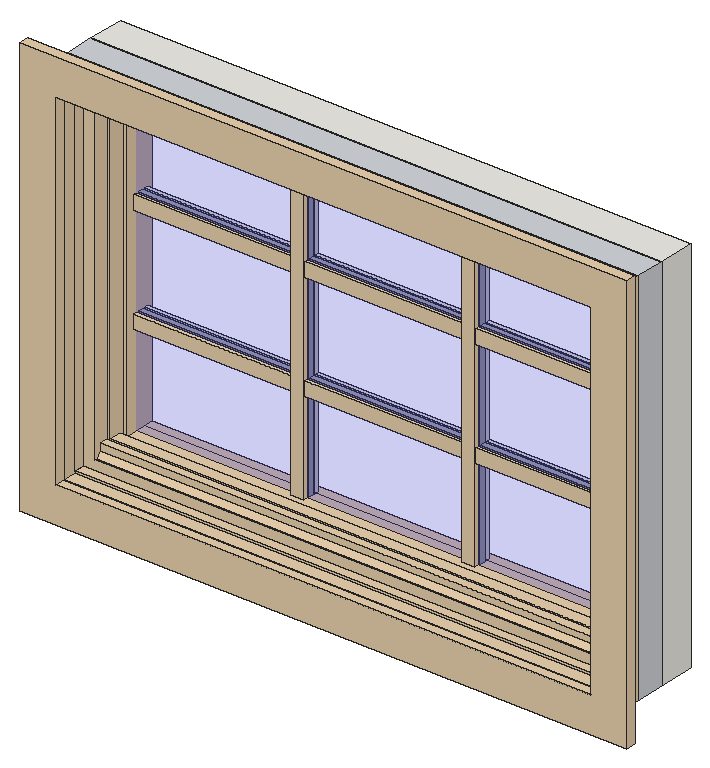
Revit family "1 Window-Awning-Andersen-400_Series_Single", category Windows, host Wall, Revit 2014 (continued)
Dimensions and locks (in)
  aligned and locked: Masking region 4 sketch curve to plane 63 "T Int Frame"
  aligned and locked: Masking region 4 sketch curve to plane 64 "B Int Frame"
  aligned and locked: plane 48 "Sash1 S2" to Extrusion 10 sketch curve
  aligned and locked: plane 64 "B Int Frame" to Extrusion 10 sketch curve
  aligned and locked: plane 4 "R Frame" to curve 96
  aligned and locked: plane 5 "L Frame" to curve 96
  aligned and locked: host wall to curve 96
  aligned and locked: Masking region 8 sketch curve to plane 58 "Xjamb S1"  (x2)
  aligned and locked: Masking region 8 sketch curve to Sweep 12  (x3)
  aligned and locked: Masking region 8 sketch curve to plane 63 "T Int Frame"
  aligned and locked: Masking region 8 sketch curve to plane 61 "Stop S1"
  aligned and locked: plane 64 "B Int Frame" to Masking region 8 sketch curve
  aligned and locked: Masking region 9 sketch curve to plane 32 "T Xjamb 2"
  aligned and locked: plane 58 "Xjamb S1" to Masking region 9 sketch curve  (x2)
  aligned and locked: plane 63 "T Int Frame" to Masking region 9 sketch curve
  aligned and locked: plane 61 "Stop S1" to Masking region 9 sketch curve
  aligned and locked: Masking region 9 sketch curve to plane 64 "B Int Frame"
  aligned and locked: plane 39 "B Xjamb 2" to Masking region 9 sketch curve
  aligned and locked: host wall to Masking region 9 sketch curve
  aligned and locked: host wall to Masking region 10 sketch curve
  aligned and locked: Masking region 10 sketch curve to plane 42 "B Int Casing"
  aligned and locked: plane 52 "Interior Casing" to Masking region 10 sketch curve
  aligned and locked: plane 37 "T Int Casing" to Masking region 10 sketch curve
  aligned and locked: plane 58 "Xjamb S1" to curve 100
  aligned and locked: Sweep 12 to curve 100
  aligned and locked: plane 64 "B Int Frame" to curve 100
  aligned and locked: plane 58 "Xjamb S1" to curve 101
  aligned and locked: host wall to curve 101
  aligned and locked: plane 50 "B Xjamb 1" to curve 101
  aligned and locked: plane 52 "Interior Casing" to curve 102
  aligned and locked: plane 50 "B Xjamb 1" to curve 102
  aligned and locked: plane 58 "Xjamb S1" to curve 97
  aligned and locked: Sweep 12 to curve 97
  aligned and locked: plane 63 "T Int Frame" to curve 97
  aligned and locked: plane 58 "Xjamb S1" to curve 98
  aligned and locked: host wall to curve 98
  aligned and locked: plane 30 "T Xjamb 1" to curve 98
  aligned and locked: plane 52 "Interior Casing" to curve 99
  aligned and locked: plane 30 "T Xjamb 1" to curve 99
  aligned and locked: Masking region 11 sketch curve to plane 58 "Xjamb S1"  (x2)
  aligned and locked: plane 66 "R Int Frame" to Masking region 11 sketch curve
  aligned and locked: Masking region 11 sketch curve to plane 61 "Stop S1"
  aligned and locked: Masking region 11 sketch curve to plane 65 "L Int Frame"
  aligned and locked: Masking region 11 sketch curve to Sweep 12  (x2)
  aligned and locked: Masking region 12 sketch curve to plane 58 "Xjamb S1"  (x2)
  aligned and locked: plane 66 "R Int Frame" to Masking region 12 sketch curve
  aligned and locked: Masking region 12 sketch curve to plane 61 "Stop S1"
  aligned and locked: Masking region 12 sketch curve to plane 65 "L Int Frame"
  aligned and locked: plane 13 "L Xjamb 2" to Masking region 12 sketch curve
  aligned and locked: Masking region 12 sketch curve to host wall
  aligned and locked: Masking region 12 sketch curve to plane 23 "R Xjamb 2"
  aligned and locked: host wall to Masking region 13 sketch curve
  aligned and locked: plane 43 "L Int Casing" to Masking region 13 sketch curve
  aligned and locked: plane 52 "Interior Casing" to Masking region 13 sketch curve
  aligned and locked: Masking region 13 sketch curve to plane 28 "R Int Casing"
  aligned and locked: plane 58 "Xjamb S1" to curve 106
  aligned and locked: Sweep 12 to curve 106
  aligned and locked: plane 65 "L Int Frame" to curve 106
  aligned and locked: plane 58 "Xjamb S1" to curve 107
  aligned and locked: host wall to curve 107
  aligned and locked: plane 11 "L Xjamb 1" to curve 107
  aligned and locked: plane 52 "Interior Casing" to curve 108
  aligned and locked: plane 11 "L Xjamb 1" to curve 108
  aligned and locked: plane 58 "Xjamb S1" to curve 103
  aligned and locked: Sweep 12 to curve 103
  aligned and locked: plane 66 "R Int Frame" to curve 103
  aligned and locked: plane 58 "Xjamb S1" to curve 104
  aligned and locked: host wall to curve 104
  aligned and locked: plane 21 "R Xjamb 1" to curve 104
  aligned and locked: plane 52 "Interior Casing" to curve 105
  aligned and locked: plane 21 "R Xjamb 1" to curve 105
  aligned and locked: plane 61 "Stop S1" to Masking region 1 sketch curve
  aligned and locked: Extrusion 13 sketch curve to plane 63 "T Int Frame"
  aligned and locked: plane 48 "Sash1 S2" to Extrusion 13 sketch curve
  aligned and locked: Extrusion 13 sketch curve to plane 61 "Stop S1"
  aligned and locked: Extrusion 13 to plane 65 "L Int Frame"
  aligned and locked: plane 66 "R Int Frame" to Extrusion 13
  aligned and locked: plane 4 "R Frame" to curve 18
  aligned and locked: plane 47 "Flange" to curve 18
  aligned and locked: plane 5 "L Frame" to curve 50
  aligned and locked: curve 50 to plane 47 "Flange"
  aligned and locked: plane 6 "B Frame" to curve 89
  aligned and locked: plane 47 "Flange" to curve 89
  aligned and locked: plane 7 "T Frame" to curve 88
  aligned and locked: plane 47 "Flange" to curve 88
  aligned and locked: plane 25 "R Casing 2" to curve 5
  aligned and locked: plane 45 "Casing S2" to curve 4
  aligned and locked: plane 26 "R Casing 3" to curve 4
  aligned and locked: plane 44 "Casing S1" to curve 4
  aligned and locked: plane 15 "L Casing 2" to curve 2
  aligned and locked: plane 16 "L Casing 3" to curve 1
  aligned and locked: plane 34 "T Casing 2" to curve 14
  aligned and locked: plane 35 "T Casing 3" to curve 13
  aligned and locked: plane 44 "Casing S1" to curve 13
  aligned and locked: Extrusion 5 sketch curve to plane 6 "B Frame"
  aligned and locked: Masking region 6 sketch curve to cut or joined group of Extrusion 5, Sweep 6
  aligned and locked: Extrusion 7 sketch curve to plane 6 "B Frame"
  aligned and locked: plane 44 "Casing S1" to curve 16
  aligned and locked: plane 44 "Casing S1" to curve 17
  aligned and locked: plane 44 "Casing S1" to curve 186
  aligned and locked: plane 47 "Flange" to curve 186
  aligned and locked: plane 49 "Frame S2" to curve 187
  aligned and locked: plane 44 "Casing S1" to curve 184
  aligned and locked: plane 47 "Flange" to curve 184
  aligned and locked: plane 49 "Frame S2" to curve 185
  aligned and locked: plane 17 "L Casing 4" to curve 186
  aligned and locked: plane 5 "L Frame" to curve 187
  aligned and locked: plane 27 "R Casing 4" to curve 184
  aligned and locked: plane 4 "R Frame" to curve 185
  aligned and locked: plane 47 "Flange" to curve 188
  aligned and locked: plane 36 "T Casing 4" to curve 188
  aligned and locked: plane 46 "Frame S1" to curve 189
  aligned and locked: plane 49 "Frame S2" to curve 189
  aligned and locked: plane 7 "T Frame" to curve 189
  aligned and locked: plane 44 "Casing S1" to curve 190
  aligned and locked: plane 47 "Flange" to curve 190
  aligned and locked: plane 41 "B Casing 2" to curve 190
  aligned and locked: plane 46 "Frame S1" to curve 191
  aligned and locked: plane 49 "Frame S2" to curve 191
  aligned and locked: plane 6 "B Frame" to curve 191
  aligned and locked: plane 47 "Flange" to curve 185
  aligned and locked: plane 47 "Flange" to curve 187
  aligned and locked: plane 19 "R Ext Frame" to curve 7
  aligned and locked: plane 19 "R Ext Frame" to curve 68
  aligned and locked: plane 9 "L Ext Frame" to curve 8
  aligned and locked: plane 9 "L Ext Frame" to curve 66
  aligned and locked: plane 38 "B Ext Frame" to nested 1
  aligned and locked: plane 9 "L Ext Frame" to nested 1
  aligned and locked: nested 1 to plane 48 "Sash1 S2"
  aligned and locked: curve 258 to Extrusion 3
  aligned and locked: plane 38 "B Ext Frame" to curve 257
Automatic sketch dimensions
  curve 16 to curve 16 = 0' - 0 3/16"
  curve 145 to curve 147 = 0' - 0.655"
  curve 147 to curve 70 = 0' - 1.549"
  curve 71 to curve 141 = 0' - 0.107"
  curve 141 to curve 77 = 0' - 0.066"
  curve 77 to curve 86 = 0' - 0.626"
  curve 74 to curve 140 = 0' - 0.844"
  curve 87 to curve 76 = 0' - 0.371"
  curve 80 to curve 79 = 0' - 0.313"
  curve 79 to curve 78 = 0' - 0.187"
  curve 78 to curve 144 = 0' - 0.07303"
  curve 148 to curve 145 = 0' - 0.345"
  curve 72 to curve 72 = 0' - 0.345"
  curve 142 to curve 71 = 0' - 0.549"
  curve 76 to curve 83 = 0' - 0.096"
  curve 70 to curve 88 = 0' - 0.451"
  curve 84 to curve 86 = 0' - 0.096"
  curve 143 to curve 143 = 0' - 0.23897"
  curve 77 to curve 87 = 0' - 0.0062"
  curve 77 to curve 147 = 0' - 0.109"
  curve 86 to curve 85 = 0' - 0.25024"
  curve 73 to curve 147 = 0' - 0.361"
  curve 85 to curve 85 = 0' - 0.23255"
  curve 76 to curve 139 = 0' - 0.053"
  curve 76 to curve 141 = 0' - 0.4378"
  curve 148 to curve 145 = 0' - 0.545"
  curve 71 to curve 74 = 0' - 0.174"
  curve 145 to curve 72 = 0' - 0 1/4"
  curve 74 to curve 80 = 0' - 0.281"
  curve 80 to curve 79 = 0' - 0.156"
  curve 74 to curve 70 = 0' - 0.533"
  curve 70 to curve 144 = 0' - 0.08989"
  curve 82 to curve 86 = 0' - 0.0062"
  curve 77 to curve 83 = 0' - 0"
  curve 82 to curve 84 = 0' - 0.13544"
  curve 73 to curve 81 = 0' - 0.081"
  curve 142 to curve 75 = 0' - 0.217"
  curve 70 to curve 88 = 0' - 0.653"
  curve 88 to curve 88 = 0' - 1 5/8"
  curve 69 to plane 20 "R Stop" = 0' - 0"
  curve 67 to plane 10 "L Stop" = 0' - 0"
  curve 66 to plane 48 "Sash1 S2" = 0' - 0"
  curve 69 to plane 48 "Sash1 S2" = 0' - 0"
  curve 175 to curve 151 = 0' - 0.196"
  curve 175 to curve 177 = 0' - 0.28306"
  curve 152 to curve 183 = 0' - 0.27094"
  curve 152 to curve 178 = 0' - 0.56794"
  curve 178 to curve 179 = 0' - 0.733"
  curve 179 to curve 180 = 0' - 0.267"
  curve 154 to curve 173 = 0' - 0.549"
  curve 150 to curve 169 = 0' - 0.107"
  curve 169 to curve 156 = 0' - 0.066"
  curve 156 to curve 166 = 0' - 0.626"
  curve 153 to curve 159 = 0' - 0.844"
  curve 166 to curve 164 = 0' - 0.371"
  curve 159 to curve 158 = 0' - 0.313"
  curve 158 to curve 158 = 0' - 0.187"
  curve 157 to curve 172 = 0' - 0.07303"
  curve 176 to curve 175 = 0' - 0.149"
  curve 151 to curve 151 = 0' - 0.345"
  curve 183 to curve 177 = 0' - 0.047"
  curve 156 to curve 163 = 0' - 0.096"
  curve 149 to curve 89 = 0' - 0.451"
  curve 161 to curve 166 = 0' - 0.096"
  curve 171 to curve 171 = 0' - 0.23897"
  curve 171 to curve 149 = 0' - 0.08989"
  curve 149 to curve 158 = 0' - 0.096"
  curve 158 to curve 168 = 0' - 0.156"
  curve 149 to curve 151 = 0' - 0.457"
  curve 159 to curve 153 = 0' - 0.281"
  curve 153 to curve 173 = 0' - 0.174"
  curve 150 to curve 170 = 0' - 0.0882"
  curve 150 to curve 154 = 0' - 0.217"
  curve 173 to curve 175 = 0' - 0.437"
  curve 153 to curve 167 = 0' - 0.647"
  curve 169 to curve 155 = 0' - 0.4378"
  curve 175 to curve 183 = 0' - 0.267"
  curve 155 to curve 165 = 0' - 0.23255"
  curve 182 to curve 152 = 0' - 0.07316"
  curve 154 to curve 154 = 0' - 0.768"
  curve 164 to curve 165 = 0' - 0.25024"
  curve 155 to curve 160 = 0' - 0.489"
  curve 182 to curve 178 = 0' - 0.484"
  curve 154 to curve 179 = 0' - 0.28"
  curve 89 to curve 149 = 0' - 2.153"
  curve 89 to curve 149 = 0' - 0.528"
  curve 163 to curve 156 = 0' - 0.13544"
  curve 160 to curve 154 = 0' - 0.095"
  curve 181 to curve 177 = 0' - 0.296"
  curve 165 to curve 161 = 0' - 0.0062"
  curve 156 to curve 162 = 0' - 0"
  Sweep 12 sketch curve to profile plane = 0' - 0"
  curve 109 to curve 109 = 0' - 0.05924"
  curve 109 to curve 24 = 0' - 0.094"
  curve 109 to curve 23 = 0' - 0.1128"
  curve 23 to curve 21 = 0' - 0.02383"
  curve 21 to curve 21 = 0' - 0.12559"
  curve 23 to curve 113 = 0' - 0.30812"
  curve 21 to curve 116 = 0' - 0.30153"
  curve 22 to curve 111 = 0' - 0.25884"
  curve 22 to curve 25 = 0' - 0.6057"
  curve 111 to curve 27 = 0' - 0.4"
  curve 19 to curve 90 = 0' - 0.531"
  curve 90 to curve 90 = 0' - 0.36"
  curve 26 to curve 26 = 0' - 0 5/8"
  curve 27 to curve 27 = 0' - 0 5/8"
  curve 18 to curve 109 = 0' - 2.04524"
  curve 18 to curve 109 = 0' - 0.54524"
  curve 115 to curve 111 = 0' - 0.291"
  curve 40 to curve 41 = 0' - 0.35617"
  curve 46 to curve 26 = 0' - 0.12475"
  curve 45 to curve 27 = 0' - 0"
  curve 44 to curve 26 = 0' - 0"
  curve 20 to curve 115 = 0' - 1.0675"
  curve 115 to curve 116 = 0' - 0.527"
  curve 20 to curve 28 = 0' - 0.722"
  curve 19 to curve 111 = 0' - 0.291"
  curve 27 to curve 26 = 0' - 0.626"
  curve 22 to curve 110 = 0' - 0.557"
  curve 21 to curve 113 = 0' - 0 1/8"
  curve 26 to curve 136 = 0' - 0.402"
  curve 23 to curve 109 = 0' - 0.275"
  curve 109 to curve 23 = 0' - 0.038"
  curve 40 to curve 136 = 0' - 0 1/4"
  curve 91 to curve 90 = 0' - 0.9325"
  curve 19 to curve 91 = 0' - 0"
  curve 27 to curve 45 = 0' - 0.096"
  curve 18 to curve 109 = 0' - 0 3/8"
  curve 44 to curve 26 = 0' - 0.096"
  curve 24 to curve 133 = 0' - 0.312"
  curve 117 to curve 117 = 0' - 0.05924"
  curve 117 to curve 35 = 0' - 0.094"
  curve 117 to curve 34 = 0' - 0.1128"
  curve 34 to curve 32 = 0' - 0.02383"
  curve 32 to curve 32 = 0' - 0.12559"
  curve 34 to curve 121 = 0' - 0.30812"
  curve 32 to curve 124 = 0' - 0.30153"
  curve 33 to curve 119 = 0' - 0.25884"
  curve 33 to curve 36 = 0' - 0.6057"
  curve 119 to curve 38 = 0' - 0.4"
  curve 30 to curve 92 = 0' - 0.531"
  curve 92 to curve 92 = 0' - 0.36"
  curve 37 to curve 37 = 0' - 0 5/8"
  curve 38 to curve 38 = 0' - 0 5/8"
  curve 29 to curve 117 = 0' - 2.04524"
  curve 29 to curve 117 = 0' - 0.54524"
  curve 123 to curve 119 = 0' - 0.291"
  curve 42 to curve 43 = 0' - 0.35617"
  curve 49 to curve 37 = 0' - 0.12475"
  curve 48 to curve 38 = 0' - 0"
  curve 47 to curve 37 = 0' - 0"
  curve 31 to curve 123 = 0' - 1.0675"
  curve 123 to curve 124 = 0' - 0.527"
  curve 31 to curve 39 = 0' - 0.722"
  curve 30 to curve 119 = 0' - 0.291"
  curve 38 to curve 37 = 0' - 0.626"
  curve 33 to curve 118 = 0' - 0.557"
  curve 32 to curve 121 = 0' - 0 1/8"
  curve 37 to curve 137 = 0' - 0.402"
  curve 34 to curve 117 = 0' - 0.275"
  curve 117 to curve 34 = 0' - 0.038"
  curve 42 to curve 137 = 0' - 0 1/4"
  curve 93 to curve 92 = 0' - 0.9325"
  curve 30 to curve 93 = 0' - 0"
  curve 38 to curve 48 = 0' - 0.096"
  curve 29 to curve 117 = 0' - 0 3/8"
  curve 47 to curve 37 = 0' - 0.096"
  curve 35 to curve 134 = 0' - 0.312"
  curve 125 to curve 125 = 0' - 0.05924"
  curve 125 to curve 56 = 0' - 0.094"
  curve 125 to curve 55 = 0' - 0.1128"
  curve 55 to curve 53 = 0' - 0.02383"
  curve 53 to curve 53 = 0' - 0.12559"
  curve 55 to curve 129 = 0' - 0.30812"
  curve 53 to curve 132 = 0' - 0.30153"
  curve 54 to curve 127 = 0' - 0.25884"
  curve 54 to curve 57 = 0' - 0.6057"
  curve 127 to curve 59 = 0' - 0.4"
  curve 51 to curve 94 = 0' - 0.531"
  curve 94 to curve 94 = 0' - 0.36"
  curve 58 to curve 58 = 0' - 0 5/8"
  curve 59 to curve 59 = 0' - 0 5/8"
  curve 50 to curve 125 = 0' - 2.04524"
  curve 50 to curve 125 = 0' - 0.54524"
  curve 131 to curve 127 = 0' - 0.291"
  curve 61 to curve 62 = 0' - 0.35617"
  curve 65 to curve 58 = 0' - 0.12475"
  curve 64 to curve 59 = 0' - 0"
  curve 63 to curve 58 = 0' - 0"
  curve 131 to curve 52 = 0' - 1.0675"
  curve 132 to curve 131 = 0' - 0.527"
  curve 60 to curve 52 = 0' - 0.722"
  curve 127 to curve 51 = 0' - 0.291"
  curve 58 to curve 59 = 0' - 0.626"
  curve 126 to curve 54 = 0' - 0.557"
  curve 129 to curve 53 = 0' - 0 1/8"
  curve 138 to curve 58 = 0' - 0.402"
  curve 125 to curve 55 = 0' - 0.275"
  curve 55 to curve 125 = 0' - 0.038"
  curve 138 to curve 61 = 0' - 0 1/4"
  curve 94 to curve 95 = 0' - 0.9325"
  curve 51 to curve 95 = 0' - 0"
  curve 64 to curve 59 = 0' - 0.096"
  curve 125 to curve 50 = 0' - 0 3/8"
  curve 58 to curve 63 = 0' - 0.096"
  curve 135 to curve 56 = 0' - 0.312"
  curve 219 to curve 195 = 0' - 0.196"
  curve 219 to curve 221 = 0' - 0.28306"
  curve 196 to curve 227 = 0' - 0.27094"
  curve 196 to curve 222 = 0' - 0.56794"
  curve 222 to curve 223 = 0' - 0.733"
  curve 223 to curve 224 = 0' - 0.267"
  curve 198 to curve 217 = 0' - 0.549"
  curve 194 to curve 213 = 0' - 0.107"
  curve 213 to curve 200 = 0' - 0.066"
  curve 200 to curve 210 = 0' - 0.626"
  curve 197 to curve 203 = 0' - 0.844"
  curve 210 to curve 208 = 0' - 0.371"
  curve 203 to curve 202 = 0' - 0.313"
  curve 202 to curve 202 = 0' - 0.187"
  curve 201 to curve 216 = 0' - 0.07303"
  curve 220 to curve 219 = 0' - 0.149"
  curve 195 to curve 195 = 0' - 0.345"
  curve 227 to curve 221 = 0' - 0.047"
  curve 200 to curve 207 = 0' - 0.096"
  curve 193 to curve 192 = 0' - 0.451"
  curve 205 to curve 210 = 0' - 0.096"
  curve 215 to curve 215 = 0' - 0.23897"
  curve 215 to curve 193 = 0' - 0.08989"
  curve 193 to curve 202 = 0' - 0.096"
  curve 202 to curve 212 = 0' - 0.156"
  curve 193 to curve 195 = 0' - 0.457"
  curve 203 to curve 197 = 0' - 0.281"
  curve 197 to curve 217 = 0' - 0.174"
  curve 194 to curve 214 = 0' - 0.0882"
  curve 194 to curve 198 = 0' - 0.217"
  curve 217 to curve 219 = 0' - 0.437"
  curve 197 to curve 211 = 0' - 0.647"
  curve 213 to curve 199 = 0' - 0.4378"
  curve 219 to curve 227 = 0' - 0.267"
  curve 199 to curve 209 = 0' - 0.23255"
  curve 226 to curve 196 = 0' - 0.07316"
  curve 198 to curve 198 = 0' - 0.768"
  curve 208 to curve 209 = 0' - 0.25024"
  curve 199 to curve 204 = 0' - 0.489"
  curve 226 to curve 222 = 0' - 0.484"
  curve 198 to curve 223 = 0' - 0.28"
  curve 192 to curve 193 = 0' - 2.153"
  curve 192 to curve 193 = 0' - 0.528"
  curve 207 to curve 200 = 0' - 0.13544"
  curve 204 to curve 198 = 0' - 0.095"
  curve 225 to curve 221 = 0' - 0.296"
  curve 209 to curve 205 = 0' - 0.0062"
  curve 200 to curve 206 = 0' - 0"
  curve 253 to curve 255 = 0' - 0.655"
  curve 255 to curve 228 = 0' - 1.549"
  curve 229 to curve 249 = 0' - 0.107"
  curve 249 to curve 235 = 0' - 0.066"
  curve 235 to curve 244 = 0' - 0.626"
  curve 232 to curve 248 = 0' - 0.844"
  curve 245 to curve 234 = 0' - 0.371"
  curve 238 to curve 237 = 0' - 0.313"
  curve 237 to curve 236 = 0' - 0.187"
  curve 236 to curve 252 = 0' - 0.07303"
  curve 256 to curve 253 = 0' - 0.345"
  curve 230 to curve 230 = 0' - 0.345"
  curve 250 to curve 229 = 0' - 0.549"
  curve 234 to curve 241 = 0' - 0.096"
  curve 228 to curve 246 = 0' - 0.451"
  curve 242 to curve 244 = 0' - 0.096"
  curve 251 to curve 251 = 0' - 0.23897"
  curve 235 to curve 245 = 0' - 0.0062"
  curve 235 to curve 255 = 0' - 0.109"
  curve 244 to curve 243 = 0' - 0.25024"
  curve 231 to curve 255 = 0' - 0.361"
  curve 243 to curve 243 = 0' - 0.23255"
  curve 234 to curve 247 = 0' - 0.053"
  curve 234 to curve 249 = 0' - 0.4378"
  curve 256 to curve 253 = 0' - 0.545"
  curve 229 to curve 232 = 0' - 0.174"
  curve 253 to curve 230 = 0' - 0 1/4"
  curve 232 to curve 238 = 0' - 0.281"
  curve 238 to curve 237 = 0' - 0.156"
  curve 232 to curve 228 = 0' - 0.533"
  curve 228 to curve 252 = 0' - 0.08989"
  curve 240 to curve 244 = 0' - 0.0062"
  curve 235 to curve 241 = 0' - 0"
  curve 240 to curve 242 = 0' - 0.13544"
  curve 231 to curve 239 = 0' - 0.081"
  curve 250 to curve 233 = 0' - 0.217"
  curve 228 to curve 246 = 0' - 0.653"
  curve 246 to curve 246 = 0' - 1 5/8"
  curve 5 to plane 22 "R Casing 1" = 0' - 0"
  curve 1 to plane 44 "Casing S1" = 0' - 0"
  curve 17 to plane 46 "Frame S1" = 0' - 0"
  curve 6 to plane 46 "Frame S1" = 0' - 0"
  curve 7 to plane 46 "Frame S1" = 0' - 0"
  curve 16 to plane 4 "R Frame" = 0' - 0"
  curve 16 to plane 46 "Frame S1" = 0' - 0"
  host wall to curve 10 = 0' - 0"
  curve 9 to plane 20 "R Stop" = 0' - 0"
  curve 10 to plane 10 "L Stop" = 0' - 0"
  plane 68 "B Stop" to Extrusion 10 sketch curve = 0' - 0.28"
  curve 188 to plane 44 "Casing S1" = 0' - 0"
  curve 258 to plane 3 "Center (Left/Right)" = 0' - 0"
  plane 60 "L Sash" to curve 257 = 0' - 0"
  curve 258 to plane 62 "T Sash" = 0' - 0"
  curve 258 to plane 23 "R Xjamb 2" = 0' - 0.03154"
Nested families (in)
  nested 1: "Andersen_Sash_Panel" at (17.514, 2.5625, 58.81311) x (-1, 0, 0) z (0, 0, 1), type "Andersen_Sash_Panel"
    with Material_Top_Setback 0' - 0 1/32", Material_Right_Setback 0' - 0 1/32", Material_Left_Setback 0' - 0 1/32", Material_Bottom_Setback 0' - 0 1/32", SingleVertLocation 1' - 3 49/64", SingleHorzLocation 0' - 9 11/16", Rail_Top 0' - 1 13/16", Panel_Width 2' - 11 1/32", Panel_Height 1' - 10 7/8", DLOVertical 0' - 5 7/8", DLOHorizontal 0' - 9.92708", BottomBarLocation 0' - 9 1/4", BarLengthVertical 1' - 7 3/8", BarLengthHorizontal 2' - 7 17/32"
Definition of nested family "Andersen_Sash_Panel"
  Parameters (values of type "Andersen_Sash_Panel")
    VertBarQuantity = if(LightsWide < 3, 2, LightsWide - 1)  # 2
    TFL = if(Fractional_Lights_High > 5, 3, if(or(Fractional_Lights_High = 4, Fractional_Lights_High = 5), 2, if(or(Fractional_Lights_High = 2, Fractional_Lights_High = 3), 1, 1)))  # 2
    TFB = TFL - 1  # 1
    Stile_Right = 0' - 1 3/4"
    Stile_Left = 0' - 1 3/4"
    StandardLightsHigh = 3
    SingleVertLocation = (Panel_Width - Stile_Right - Stile_Left) / 2  # 0' - 9 213/256"
    SingleVertBarVisibility = LightsWide = 2  # no
    SingleHorzLocation = (BarLengthVertical) / 2  # 1' - 3 23/32"
    SingleHorBarVisibility = or(or(or(and(LightsHigh = 2, PatternNumber = 1), and(PatternNumber = 4, Fractional_Lights_High > 1)), and(PatternNumber = 5, Fractional_Lights_High > 1)), and(PatternNumber = 2, Fractional_Lights_High > 1))  # no
    S H Fractional = and(PatternNumber = 2, or(Fractional_Lights_High = 4, Fractional_Lights_High = 5))  # no
    Rail_Top = 0' - 1 3/4"
    Rail_Bottom = 0' - 1 11/16"
    PatternNumber = 1
    Panel_Width = 1' - 11 21/128"
    Panel_Thickness = 0' - 2"
    Panel_Height = 2' - 10 7/8"
    MultipleVertBar Visibility = and(not(PatternNumber = 0), LightsWide > 2)  # yes
    MultipleHorBarVisibility = or(or(PatternNumber = 3, and(LightsHigh > 2, PatternNumber = 1)), and(PatternNumber = 2, Fractional_Lights_High > 5))  # yes
    Material_Top_Setback [instance] = 0' - 0 1/32"
    Material_Right_Setback [instance] = 0' - 0 1/32"
    Material_Left_Setback [instance] = 0' - 0 1/32"
    Material_Interior = Wood - Andersen - Pine
    Material_Exterior = Vinyl - Andersen - White
    Material_Bottom_Setback [instance] = 0' - 0 1/32"
    LightsWide = if(PatternNumber = 3, 3, [- Lights Wide])  # 3
    LightsHigh = if(PatternNumber = 2, [- Lights High] - 1, if(PatternNumber = 3, 3, [- Lights High]))  # 3
    Interior Bar Thickness = 0' - 0 23/64"
    HorBarQuantity = if(LightsHigh < 3, 2, LightsHigh - 1)  # 2
    GrilleBarSizeInt = 4
    GrilleBarSize = 0' - 0 7/8"
    Glazing = Glass ‐ Andersen - Low-E4 SmartSun
    Glass SetBack = 0' - 0 167/256"
    Glass Pane Thickness = 0' - 0 3/32"
    Glass OA Thickness = 0' - 0 5/8"
    Fractional_Lights_Wide = 3
    Fractional_Lights_High = 5
    Exterior Bar Thickness = 0' - 0 77/256"
    DLOVertical = if(PatternNumber = 1, if(LightsHigh > 2, ((BarLengthVertical - (GrilleBarSize * (LightsHigh - 1))) / LightsHigh), 0' 4"), if(PatternNumber = 3, 0' 4", if(Fractional_Lights_High > 2, ((BarLengthVertical - (GrilleBarSize * 2)) / 3), 0' 4")))  # 0' - 9.89583"
    DLOHorizontal = if(PatternNumber = 3, 0' 4", ((Panel_Width - Stile_Right - Stile_Left) - (GrilleBarSize * VertBarQuantity)) / if(LightsWide > 2, LightsWide, 3))  # 0' - 5.97135"
    BottomBarVisibility = and(PatternNumber = 2, or(Fractional_Lights_High = 4, Fractional_Lights_High = 5))  # no
    BottomBarLocation = if(PatternNumber = 1, ((Panel_Height - Rail_Top - Rail_Bottom) / 2) - (GrilleBarSize / 2), BarLengthVertical)  # 1' - 3 9/32"
    Between Glass Grille Bar Color = Stainless Steel - Andersen - Standard
    BarLengthVertical = if(or(PatternNumber = 5, PatternNumber = 2), ((((Panel_Height - Rail_Top - Rail_Bottom - (GrilleBarSize * (Fractional_Lights_High - 1))) / Fractional_Lights_High)) * TFL) + (TFB * GrilleBarSize) + Rail_Top, if(PatternNumber = 4, ((Panel_Height - Rail_Top - Rail_Bottom - (GrilleBarSize * (Fractional_Lights_High - 1))) / Fractional_Lights_High), Panel_Height - Rail_Top - Rail_Bottom))  # 2' - 7 7/16"
    BarLengthHorizontal = Panel_Width - Stile_Right - Stile_Left  # 1' - 7 85/128"
    BarIntVisibility = yes
    BarExtVisibility = yes
    BarBetweenGlassVisibility = yes
    Analytic Construction = "<None>"
    - Lights Wide = 3
    - Lights High = 3
  Reference planes (in)
    plane 1 "Front": y = 0
    plane 2 "Bottom": z = 0
    plane 3 "Left": x = 0
    plane 4 "Top": z = 34.875
    plane 5 "Right": x = 23.16406
    plane 6 "Glazing Left": x = 1.75
    plane 7 "Glazing Bottom": z = 1.6875
    plane 8 "Glazing Right": x = 21.41406
    plane 9 "Glazing Top": z = 33.125
    plane 10 "GlazingA": y = 0.65234
    plane 11 "GlazingB": y = 1.27734
    plane 12 "Back": y = 2
    plane 13: z = 1.6875
  Forms (in)
    Extrusion 1, solid, material "Wood - Andersen - Pine" <- "Material_Interior"
      sketch origin (0, 0, 0) x (1, 0, 0) y (0, 0, 1)
        loop
          line (0, 34.875) -> (0, 0) -> (23.16406, 0) -> (23.16406, 34.875) -> (0, 34.875)
        loop
          line (1.75, 33.125) -> (1.75, 1.6875) -> (21.41406, 1.6875) -> (21.41406, 33.125) -> (1.75, 33.125)
      from -2 to 0
    Extrusion 2, solid, material "Glass ‐ Andersen - Low-E4 SmartSun" <- "Glazing"
      sketch origin (0, 0, 0) x (1, 0, 0) y (0, 0, 1)
        loop
          line (1.75, 33.125) -> (1.75, 1.6875) -> (21.41406, 1.6875) -> (21.41406, 33.125) -> (1.75, 33.125)
      from -1.27734 to -0.65234
  Lines and regions (in)
    Split face 1
      outline origin (0, 0, 34.875) x (1, 0, 0) y (0, 1, 0)
        loop
          line (0, 0.03125) -> (23.16406, 0.03125)
    Split face 2
      outline origin (23.16406, 0, 34.875) x (0, 0, -1) y (0, 1, 0)
        loop
          line (0, 0.03125) -> (34.875, 0.03125)
    Split face 3
      outline origin (0, 0, 0) x (0, 0, 1) y (0, 1, 0)
        loop
          line (34.875, 0.03125) -> (0, 0.03125)
    Split face 4
      outline origin (23.16406, 0, 0) x (0, 1, 0) y (-1, 0, 0)
        loop
          line (0.03125, 23.16406) -> (0.03125, 0)
    Split face 5
      outline origin (21.41406, 0.27734, 1.6875) x (-1, 0, 0) y (0, -1, 0)
        loop
          line (19.66406, -0.375) -> (0, -0.375)
        loop
          line (19.66406, -1) -> (0, -1)
    Split face 6
      outline origin (1.75, 0, 1.6875) x (0, 0, 1) y (0, -1, 0)
        loop
          line (0, -0.65234) -> (31.4375, -0.65234)
        loop
          line (31.4375, -1.27734) -> (0, -1.27734)
    Split face 7
      outline origin (21.41406, 0, 33.125) x (0, 0, -1) y (0, -1, 0)
        loop
          line (31.4375, -0.65234) -> (0, -0.65234)
        loop
          line (0, -1.27734) -> (31.4375, -1.27734)
    Split face 8
      outline origin (1.75, 0, 33.125) x (0, -1, 0) y (1, 0, 0)
        loop
          line (-0.65234, 0) -> (-0.65234, 19.66406)
        loop
          line (-1.27734, 0) -> (-1.27734, 19.66406)
    symbolic lines, style "WindowsGlassProjection", detail levels medium+fine
      curve 1: line (1.75, 0.65234, 0) -> (21.41406, 0.65234, 0)
      curve 2: line (1.75, 1.27734, 0) -> (21.41406, 1.27734, 0)
    symbolic lines, style "WindowsGlassProjection"
      curve 3: line (0, 0.65234, 33.125) -> (0, 0.65234, 1.6875)
      curve 4: line (0, 1.27734, 33.125) -> (0, 1.27734, 1.6875)
    symbolic lines, style "WindowsGlassProjection", detail levels fine
      curve 5: line (1.75, 0.74609, 0) -> (21.41406, 0.74609, 0)
      curve 6: line (1.75, 1.18359, 0) -> (21.41406, 1.18359, 0)
      curve 7: line (0, 1.18359, 33.125) -> (0, 1.18359, 1.6875)
      curve 8: line (0, 0.74609, 33.125) -> (0, 0.74609, 1.6875)
    symbolic lines, style "WindowsFrameMullionProjection", detail levels medium
      curve 9: line (0, 2, 0) -> (1.75, 2, 0)
      curve 10: line (0, 0, 0) -> (0, 2, 0)
      curve 11: line (1.75, 0, 0) -> (0, 0, 0)
      curve 12: line (1.75, 2, 0) -> (1.75, 0, 0)
      curve 13: line (21.41406, 2, 0) -> (23.16406, 2, 0)
      curve 14: line (21.41406, 0, 0) -> (21.41406, 2, 0)
      curve 15: line (23.16406, 0, 0) -> (21.41406, 0, 0)
      curve 16: line (23.16406, 2, 0) -> (23.16406, 0, 0)
  Dimensions and locks (in)
    "Panel_Width": plane 5 "Right" to plane 3 "Left"
    "Panel_Height": plane 4 "Top" to plane 2 "Bottom"
    "Stile_Left": plane 6 "Glazing Left" to plane 3 "Left"
    "Stile_Right": plane 5 "Right" to plane 8 "Glazing Right"
    "Rail_Bottom": plane 7 "Glazing Bottom" to plane 2 "Bottom"
    "Rail_Top": plane 4 "Top" to plane 9 "Glazing Top"
    "Panel_Thickness": plane 1 "Front" to plane 12 "Back"
    "Material_Top_Setback": Extrusion 1 to Split face 1 sketch curve
    "Material_Right_Setback": Extrusion 1 to Split face 2 sketch curve
    "Material_Left_Setback": Split face 3 sketch curve to Extrusion 1
    "Material_Bottom_Setback": Extrusion 1 to Split face 4 sketch curve
    "BarLengthVertical": plane 9 "Glazing Top" to plane 13
    plane 8 "Glazing Right" to plane 6 "Glazing Left" = 1' - 7 85/128"
    group 1 to group 2 = 0' - 6.84635"
    group 1 to group 2 = 0' - 0"  (x2)
    "DLOHorizontal": nested 1 to plane 6 "Glazing Left"
    "DLOHorizontal": plane 8 "Glazing Right" to nested 2
    "Glass SetBack": plane 1 "Front" to plane 10 "GlazingA"
    "Glass Pane Thickness": curve 5 to plane 10 "GlazingA"
    "Glass OA Thickness": plane 11 "GlazingB" to plane 10 "GlazingA"
    "Glass Pane Thickness": plane 11 "GlazingB" to curve 6
    "Glass Pane Thickness": plane 11 "GlazingB" to curve 7
    "Glass Pane Thickness": curve 8 to plane 10 "GlazingA"
    "SingleVertLocation": nested 3 to plane 6 "Glazing Left"
    group 3 to group 4 = 0' - 0"  (x2)
    group 3 to group 4 = 0' - 10.77083"
    "DLOVertical": plane 9 "Glazing Top" to nested 6
    "DLOVertical": nested 5 to plane 13
    equal spacing: plane 9 "Glazing Top", nested 7, nested 4
    "BottomBarLocation": plane 9 "Glazing Top" to nested 4
    aligned and locked: plane 2 "Bottom" to level
    aligned and locked: Extrusion 1 sketch curve to plane 4 "Top"
    aligned and locked: Extrusion 1 sketch curve to plane 9 "Glazing Top"
    aligned and locked: Extrusion 1 sketch curve to plane 5 "Right"
    aligned and locked: Extrusion 1 sketch curve to plane 8 "Glazing Right"
    aligned and locked: plane 2 "Bottom" to Extrusion 1 sketch curve
    aligned and locked: plane 7 "Glazing Bottom" to Extrusion 1 sketch curve
    aligned and locked: plane 3 "Left" to Extrusion 1 sketch curve
    aligned and locked: plane 6 "Glazing Left" to Extrusion 1 sketch curve
    aligned and locked: plane 12 "Back" to Extrusion 1
    aligned and locked: plane 1 "Front" to Extrusion 1
    aligned and locked: Extrusion 2 sketch curve to plane 9 "Glazing Top"
    aligned and locked: Extrusion 2 sketch curve to plane 8 "Glazing Right"
    aligned and locked: plane 7 "Glazing Bottom" to Extrusion 2 sketch curve
    aligned and locked: plane 6 "Glazing Left" to Extrusion 2 sketch curve
    aligned and locked: plane 11 "GlazingB" to Extrusion 2
    aligned and locked: Extrusion 2 to plane 10 "GlazingA"
    aligned and locked: Split face 5 sketch curve to plane 10 "GlazingA"
    aligned and locked: Split face 5 sketch curve to plane 11 "GlazingB"
    aligned and locked: Split face 6 sketch curve to plane 10 "GlazingA"
    aligned and locked: plane 11 "GlazingB" to Split face 6 sketch curve
    aligned and locked: Split face 7 sketch curve to plane 10 "GlazingA"
    aligned and locked: plane 11 "GlazingB" to Split face 7 sketch curve
    aligned and locked: Split face 8 sketch curve to plane 10 "GlazingA"
    aligned and locked: Split face 8 sketch curve to plane 11 "GlazingB"
    aligned and locked: curve 2 to plane 11 "GlazingB"
    aligned and locked: plane 7 "Glazing Bottom" to curve 3
    aligned and locked: plane 10 "GlazingA" to curve 3
    aligned and locked: plane 9 "Glazing Top" to curve 4
    aligned and locked: plane 11 "GlazingB" to curve 4
    aligned and locked: plane 6 "Glazing Left" to curve 6
    aligned and locked: plane 8 "Glazing Right" to curve 6
    aligned and locked: Split face 5 to plane 10 "GlazingA"
    aligned and locked: plane 9 "Glazing Top" to nested 1
    aligned and locked: plane 9 "Glazing Top" to nested 2
    aligned and locked: curve 13 to plane 12 "Back"
    aligned and locked: curve 16 to plane 5 "Right"
    aligned and locked: plane 8 "Glazing Right" to curve 14
    aligned and locked: curve 15 to plane 1 "Front"
    aligned and locked: curve 12 to plane 6 "Glazing Left"
    aligned and locked: plane 3 "Left" to curve 10
    aligned and locked: curve 11 to plane 1 "Front"
    aligned and locked: curve 9 to plane 12 "Back"
    aligned and locked: plane 9 "Glazing Top" to nested 3
    aligned and locked: plane 6 "Glazing Left" to nested 4
    aligned and locked: nested 6 to plane 6 "Glazing Left"
    aligned and locked: nested 5 to plane 6 "Glazing Left"
    aligned and locked: plane 6 "Glazing Left" to nested 7
  Automatic sketch dimensions
    Split face 1 sketch curve to Extrusion 1 = 0' - 0"  (x2)
    Split face 2 sketch curve to Extrusion 1 = 0' - 0"
    Extrusion 1 to Split face 2 sketch curve = 0' - 0"
    Extrusion 1 to Split face 3 sketch curve = 0' - 0"
    Split face 3 sketch curve to Extrusion 1 = 0' - 0"
    Split face 4 sketch curve to Extrusion 1 = 0' - 0"  (x2)
    Split face 5 sketch curve to Extrusion 1 = 0' - 0"  (x4)
    Split face 6 sketch curve to Extrusion 1 = 0' - 0"  (x2)
    Extrusion 1 to Split face 6 sketch curve = 0' - 0"  (x2)
    Extrusion 1 to Split face 7 sketch curve = 0' - 0"  (x2)
    Split face 7 sketch curve to Extrusion 1 = 0' - 0"  (x2)
    Split face 8 sketch curve to Extrusion 1 = 0' - 0"  (x4)
    curve 1 to plane 10 "GlazingA" = 0' - 0"
    curve 7 to plane 9 "Glazing Top" = 0' - 0"
    curve 3 to plane 9 "Glazing Top" = 0' - 0"
    curve 8 to plane 9 "Glazing Top" = 0' - 0"
    curve 7 to plane 7 "Glazing Bottom" = 0' - 0"
    curve 4 to plane 7 "Glazing Bottom" = 0' - 0"
    curve 8 to plane 7 "Glazing Bottom" = 0' - 0"
  Nested families (in)
    nested 1: "Andersen_Grille_Bar" at (8.15885, 0.65234, 17.40625) x (1, 0, 0) z (0, -1, 0), Bar Width <- "GrilleBarSize", Bar Length <- "BarLengthVertical", visible <- "MultipleVertBar Visibility", type "Andersen_Grille_Bar"
      with Center Line Length 2' - 7 7/8", Center Line 1, Bar Width 0' - 0 7/8", Bar Length 2' - 7 7/16"
    nested 2: "Andersen_Grille_Bar" at (15.00521, 0.65234, 17.40625) x (1, 0, 0) z (0, -1, 0), Bar Width <- "GrilleBarSize", Bar Length <- "BarLengthVertical", visible <- "MultipleVertBar Visibility", type "Andersen_Grille_Bar"
      with Center Line Length 2' - 7 7/8", Center Line 1, Bar Width 0' - 0 7/8", Bar Length 2' - 7 7/16"
    nested 3: "Andersen_Grille_Bar" at (11.58203, 0.65234, 17.40625) x (1, 0, 0) z (0, -1, 0), Bar Width <- "GrilleBarSize", visible <- "SingleVertBarVisibility", Bar Length <- "BarLengthVertical", type "Andersen_Grille_Bar"
      with Center Line Length 2' - 7 7/8", Center Line 1, Bar Width 0' - 0 7/8", Bar Length 2' - 7 7/16"
    nested 4: "Andersen_Grille_Bar" at (11.58203, 0.65234, 17.40625) x (0, 0, -1) z (0, -1, 0), Bar Width <- "GrilleBarSize", Bar Length <- "BarLengthHorizontal", visible <- "SingleHorBarVisibility", type "Andersen_Grille_Bar"
      with Center Line Length 1' - 8 13/128", Center Line 1, Bar Width 0' - 0 7/8", Bar Length 1' - 7 85/128"
    nested 5: "Andersen_Grille_Bar" at (11.58203, 0.65234, 12.02083) x (0, 0, 1) z (0, -1, 0), Bar Width <- "GrilleBarSize", Bar Length <- "BarLengthHorizontal", visible <- "MultipleHorBarVisibility", type "Andersen_Grille_Bar"
      with Center Line Length 1' - 8 13/128", Center Line 1, Bar Width 0' - 0 7/8", Bar Length 1' - 7 85/128"
    nested 6: "Andersen_Grille_Bar" at (11.58203, 0.65234, 22.79167) x (0, 0, 1) z (0, -1, 0), Bar Width <- "GrilleBarSize", Bar Length <- "BarLengthHorizontal", visible <- "MultipleHorBarVisibility", type "Andersen_Grille_Bar"
      with Center Line Length 1' - 8 13/128", Center Line 1, Bar Width 0' - 0 7/8", Bar Length 1' - 7 85/128"
    nested 7: "Andersen_Grille_Bar" at (11.58203, 0.65234, 25.48438) x (0, 0, -1) z (0, -1, 0), Bar Width <- "GrilleBarSize", Bar Length <- "BarLengthHorizontal", visible <- "S H Fractional", type "Andersen_Grille_Bar"
      with Center Line Length 1' - 8 13/128", Center Line 1, Bar Width 0' - 0 7/8", Bar Length 1' - 7 85/128"
  Definition of nested family "Andersen_Grille_Bar"
    Parameters (values of type "Andersen_Grille_Bar")
      Interior Bar Visibility = yes
      Interior Bar Thickness = 0' - 0 27/128"
      Interior Bar Material = Wood - Andersen - Pine
      Glass Pane Thickness = 0' - 0 1/8"
      Glass OA Thickness = 0' - 0 5/8"
      Exterior Bar Visibility = yes
      Exterior Bar Thickness = 0' - 0 27/128"
      Exterior Bar Finish = none
      Default Elevation = 4' - 0"
      Center Line Length [instance] = if(Center Line = 1, Bar Length + (Bar Width / 2), Bar Length)  # 0' - 4 7/16"
      Center Line [instance] = 1
      Between Glass Bar Visibility = yes
      Between Glass Bar Finish = Stainless Steel - Andersen - Standard
      Bar Width [instance] = 0' - 0 7/8"
      Bar Length [instance] = 0' - 4"
    Reference planes (in)
      plane 1 "Center (Front/Back)": y = 0
      plane 2 "a": z = 0
      plane 3 "Center (Left/Right)": x = 0
      plane 4 "1": x = -0.4375
      plane 5 "2": x = 0.4375
      plane 6: y = 2
      plane 7: y = -2
      plane 8 "b": z = -0.625
      plane 9: y = -2.4375
      plane 10 "a1": z = 12
      plane 11 "a2": z = -12
    Forms (in)
      Extrusion 1, solid
        sketch origin (0, 0, 0) x (1, 0, 0) y (0, 1, 0)
          loop
            line (-48, 48) -> (-48, -48) -> (48, -48) -> (48, 48) -> (-48, 48)
        from 0 to -12
      Extrusion 2, solid, material <- "Exterior Bar Finish", visible <- "Exterior Bar Visibility", detail levels fine
        sketch origin (0, 0, 0) x (1, 0, 0) y (0, 1, 0)
          loop
            line (-0.4375, 2) -> (-0.4375, -2) -> (0.4375, -2) -> (0.4375, 2) -> (-0.4375, 2)
        from 0 to 0.21094
      Extrusion 3, solid, material "Stainless Steel - Andersen - Standard" <- "Between Glass Bar Finish", visible <- "Between Glass Bar Visibility", detail levels fine
        sketch origin (0, 0, 0) x (1, 0, 0) y (0, 1, 0)
          loop
            line (-0.4375, 2) -> (-0.4375, -2) -> (0.4375, -2) -> (0.4375, 2) -> (-0.4375, 2)
        from -0.5 to -0.125
      Extrusion 4, solid, material "Wood - Andersen - Pine" <- "Interior Bar Material", visible <- "Interior Bar Visibility", detail levels fine
        sketch origin (0, 0, 0) x (1, 0, 0) y (0, 1, 0)
          loop
            line (-0.4375, 2) -> (-0.4375, -2) -> (0.4375, -2) -> (0.4375, 2) -> (-0.4375, 2)
        from -0.83594 to -0.625
    Lines and regions (in)
      model lines, style "GenericModel", detail levels coarse+medium
        curve 1: line (0, 2, 0) -> (0, -2.4375, 0)
      symbolic lines, style "GenericModel", detail levels coarse+medium
        curve 2: line (0, 2, 12) -> (0, -2.4375, 12)
    Dimensions and locks (in)
      "Glass OA Thickness": plane 2 "a" to plane 8 "b"
      "Exterior Bar Thickness": Extrusion 2 to Extrusion 2
      "Interior Bar Thickness": plane 8 "b" to Extrusion 4
      equal spacing: plane 4 "1", plane 3 "Center (Left/Right)", plane 5 "2"
      equal spacing: plane 6, plane 1 "Center (Front/Back)", plane 7
      "Bar Width": plane 4 "1" to plane 5 "2"
      "Bar Length": plane 6 to plane 7
      "Center Line Length": plane 6 to plane 9
      locked: plane 10 "a1" to plane 2 "a" at 12
      locked: plane 2 "a" to plane 11 "a2" at 12
      "Glass Pane Thickness": Extrusion 3 to plane 8 "b"
      "Glass Pane Thickness": plane 2 "a" to Extrusion 3
      aligned and locked: plane 2 "a" to Extrusion 1
      aligned and locked: level to Extrusion 1
      aligned and locked: Extrusion 2 to plane 2 "a"
      aligned and locked: Extrusion 2 to plane 4 "1"
      aligned and locked: plane 5 "2" to Extrusion 2
      aligned and locked: plane 6 to Extrusion 2
      aligned and locked: Extrusion 2 to plane 7
      aligned and locked: Extrusion 3 to plane 4 "1"
      aligned and locked: plane 5 "2" to Extrusion 3
      aligned and locked: plane 6 to Extrusion 3
      aligned and locked: Extrusion 3 to plane 7
      aligned and locked: plane 8 "b" to Extrusion 4
      aligned and locked: Extrusion 4 to plane 4 "1"
      aligned and locked: plane 5 "2" to Extrusion 4
      aligned and locked: plane 6 to Extrusion 4
      aligned and locked: Extrusion 4 to plane 7
      aligned and locked: plane 6 to curve 1
      aligned and locked: plane 9 to curve 1
      aligned and locked: curve 1 to plane 3 "Center (Left/Right)"
      aligned and locked: plane 6 to curve 2
      aligned and locked: plane 9 to curve 2
      aligned and locked: curve 2 to plane 3 "Center (Left/Right)"
    Automatic sketch dimensions
      Extrusion 1 sketch curve to Extrusion 1 sketch curve = 8' - 0"  (x2)
      plane 7 to Extrusion 2 sketch curve = 0' - 0"
      Extrusion 2 sketch curve to plane 5 "2" = 0' - 0 7/8"
      Extrusion 2 sketch curve to plane 6 = 0' - 0"
      Extrusion 2 sketch curve to Extrusion 2 sketch curve = 0' - 0 7/8"
      plane 7 to Extrusion 3 sketch curve = 0' - 0"
      Extrusion 3 sketch curve to plane 5 "2" = 0' - 0 7/8"
      Extrusion 3 sketch curve to plane 6 = 0' - 0"
      Extrusion 3 sketch curve to Extrusion 3 sketch curve = 0' - 0 7/8"
      Extrusion 4 sketch curve to plane 7 = 0' - 0"
      Extrusion 4 sketch curve to plane 5 "2" = 0' - 0 7/8"
      Extrusion 4 sketch curve to plane 6 = 0' - 0"
      Extrusion 4 sketch curve to Extrusion 4 sketch curve = 0' - 0 7/8"
